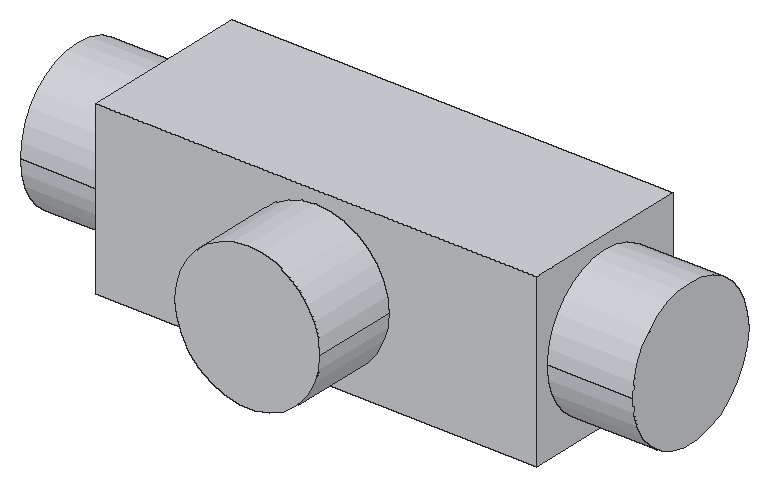
Revit family "3016981dad9642f2abc9b515df7eb80c", category Conduit Fittings, Revit 2021
Family settings
  Round Connector Dimension = Use Radius
  Part Type = Tee
  OmniClass Number = 23.80.30.17.11
  OmniClass Title = Conduits
  Work Plane-Based = No
  Always vertical = Yes
  Cut with Voids When Loaded = No
  Shared = No
Parameters (values of type "Standard")
  Nominal Radius 2 [instance] = 1/4"
  Nominal Radius 1 [instance] = 1/4"
  Nominal Diameter 2 [instance] = Nominal Radius 2 * 2  # 1/2"
  Nominal Diameter 1 [instance] = Nominal Radius 1 * 2  # 1/2"
  Max Nominal Diameter 12 [instance] = if(Nominal Diameter 1 > Nominal Diameter 2, Nominal Diameter 1, Nominal Diameter 2)  # 1/2"
  Fitting Outside Radius 2 [instance] = Fitting Outside Diameter 2 * 0.5  # 0.54"
  Fitting Outside Radius 1 [instance] = Fitting Outside Diameter 1 * 0.5  # 0.54"
  Fitting Outside Diameter 2 [instance] = size_lookup(Conduit Size Lookup, "FOD", 1.14 * Nominal Diameter 2 + 1/2", Nominal Diameter 2)  # 1.08"
  Fitting Outside Diameter 1 [instance] = size_lookup(Conduit Size Lookup, "FOD", 1.14 * Nominal Diameter 1 + 1/2", Nominal Diameter 1)  # 1.08"
  Default Elevation = 0' - 0"
  Conduit Size Lookup = "Conduit Body - Type T - PVC"
  Conduit Length 2 [instance] = size_lookup(Conduit Size Lookup, "CLgt", 0.46 * Nominal Diameter 2 + 115/256", Nominal Diameter 2)  # 0.639"
  Conduit Length 1 [instance] = size_lookup(Conduit Size Lookup, "CLgt", 0.46 * Nominal Diameter 1 + 115/256", Nominal Diameter 1)  # 0.639"
  Center to End [instance] = size_lookup(Conduit Size Lookup, "CtE", 1.95 * Max Nominal Diameter 12 + 1 15/32", Max Nominal Diameter 12)  # 2.28"
  Conduit Body Width [instance] = size_lookup(Conduit Size Lookup, "CBW", 1.34 * Max Nominal Diameter 12 + 77/128", Max Nominal Diameter 12)  # 1.268"
Reference planes (in)
  plane 1 "Center (Front/Back)": y = 0
  plane 2: z = 0
  plane 3 "Center (Left/Right)": x = 0
  plane 4: x = -1.641
  plane 5: x = 1.641
  plane 6: y = 0.634
  plane 7: y = -0.634
  plane 8: z = 0.634
  plane 9: z = -0.634
  plane 10: x = -2.28
  plane 11: y = -1.273
  plane 12: x = 2.28
Forms (in)
  Extrusion 1, solid
    sketch origin (0, 0, 0) x (1, 0, 0) y (0, 1, 0)
      loop
        line (-1.641, 0.634) -> (-1.641, -0.634) -> (1.641, -0.634) -> (1.641, 0.634) -> (-1.641, 0.634)
    from -0.634 to 0.634
  Extrusion 2, solid, detail levels fine
    sketch origin (0, 0, 0) x (0, 1, 0) y (0, 0, 1)
      loop
        circle (0, 0) r 0.54
    from -2.28 to -1.641
  Extrusion 3, solid, detail levels fine
    sketch origin (0, 0, 0) x (0, 1, 0) y (0, 0, 1)
      loop
        circle (0, 0) r 0.54
    from 1.641 to 2.28
  Extrusion 4, solid, detail levels fine
    sketch origin (0, 0, 0) x (1, 0, 0) y (0, 0, 1)
      loop
        circle (0, 0) r 0.54
    from 0.634 to 1.273
Lines and regions (in)
  model lines, detail levels coarse+medium
    curve 1: line (-2.28, 0, 0) -> (-1.641, 0, 0)
    curve 2: line (1.641, 0, 0) -> (2.28, 0, 0)
    curve 3: line (0, -0.634, 0) -> (0, -1.273, 0)
Dimensions and locks (in)
  equal spacing: plane 6, plane 1 "Center (Front/Back)", plane 7
  "Conduit Body Width": plane 6 to plane 7
  equal spacing: plane 8, plane 2, plane 9
  "Conduit Body Width": plane 8 to plane 9
  "Conduit Length 1": plane 10 to plane 4
  "Center to End": plane 10 to plane 3 "Center (Left/Right)"
  "Conduit Length 1": plane 5 to plane 12
  "Center to End": plane 3 "Center (Left/Right)" to plane 12
  "Conduit Length 2": plane 7 to plane 11
  "Fitting Outside Radius 1": radius of Extrusion 2 sketch curve
  "Fitting Outside Radius 1": radius of Extrusion 3 sketch curve
  "Fitting Outside Radius 2": radius of Extrusion 4 sketch curve
  aligned and locked: Extrusion 1 to plane 7
  aligned and locked: plane 6 to Extrusion 1
  aligned and locked: Extrusion 1 to plane 4
  aligned and locked: plane 5 to Extrusion 1
  aligned and locked: plane 8 to Extrusion 1
  aligned and locked: Extrusion 1 to plane 9
  aligned and locked: plane 2 to Extrusion 2 sketch curve
  aligned and locked: plane 1 "Center (Front/Back)" to Extrusion 2 sketch curve
  aligned and locked: plane 4 to Extrusion 2
  aligned and locked: Extrusion 2 to plane 10
  aligned and locked: plane 10 to curve 1
  aligned and locked: plane 4 to curve 1
  aligned and locked: plane 1 "Center (Front/Back)" to curve 1
  aligned and locked: plane 7 to curve 3
  aligned and locked: plane 11 to curve 3
  aligned and locked: curve 3 to plane 3 "Center (Left/Right)"
  aligned and locked: plane 5 to curve 2
  aligned and locked: plane 1 "Center (Front/Back)" to curve 2
  aligned and locked: plane 12 to curve 2
  aligned and locked: plane 2 to Extrusion 3 sketch curve
  aligned and locked: plane 1 "Center (Front/Back)" to Extrusion 3 sketch curve
  aligned and locked: Extrusion 3 to plane 5
  aligned and locked: plane 12 to Extrusion 3
  aligned and locked: plane 2 to Extrusion 4 sketch curve
  aligned and locked: plane 3 "Center (Left/Right)" to Extrusion 4 sketch curve
  aligned and locked: plane 7 to Extrusion 4
  aligned and locked: Extrusion 4 to plane 11
Automatic sketch dimensions
  plane 4 to Extrusion 1 sketch curve = 0' - 0"
  Extrusion 1 sketch curve to plane 5 = 0' - 0"
  plane 1 "Center (Front/Back)" to Extrusion 1 sketch curve = 0' - 0.634"
  Extrusion 1 sketch curve to plane 1 "Center (Front/Back)" = 0' - 0.634"
Connectors (in)
  cabletrayconduit at (-2.28, 0, 0), diameter 0.5, driven by "Nominal Radius 1"
    settings: on Extrusion 2, index 1, connector width 1' - 0", connector height 1' - 0", connector angle 0.00°, system type 32, placement type 0, profile type 0, connector reference index 2, is primary connector yes, connector utility param no, connector description ""
  cabletrayconduit at (2.28, 0, 0), diameter 0.5, driven by "Nominal Radius 1"
    settings: on Extrusion 3, index 2, connector width 1' - 0", connector height 1' - 0", connector angle 0.00°, system type 32, placement type 0, profile type 0, connector reference index 1, is primary connector no, connector utility param no, connector description ""
  cabletrayconduit at (0, -1.273, 0), diameter 0.5, driven by "Nominal Radius 2"
    settings: on Extrusion 4, index 3, connector width 1' - 0", connector height 1' - 0", connector angle 0.00°, system type 32, placement type 0, profile type 0, connector reference index -1, is primary connector no, connector utility param no, connector description ""
